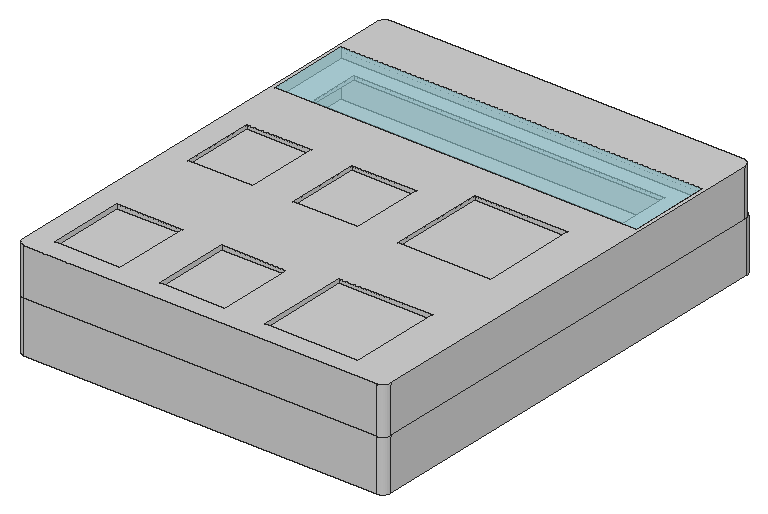
Revit family "Building-QuadriIEC309-GEWISS-68QDIN-QUADRI-PRESE-20MOD_6PRESE", category Apparecchi elettrici, host Superficie, Revit 2019
Family settings
  Host = Superficie
  Mantenere orientamento annotazione = Sì
  Quota connettore circolare = Usa diametro
  Tipo di parte = Normale
  Taglio con vuoti quando caricato = No
  Condiviso = No
  Punto di calcolo locali = Sì
Parameters (values of type "GW68021N - Q-DIN 20M 2PR.63A 4PR.16/32A IP65")
  visibilita posizionamento 2d [instance] = yes
  simbolo 2d [instance] = yes
  oggetto in pianta [instance] = not(visibilita posizionamento 2d)  # no
  distanza_simbolo [instance] = 0.1 mm
  bordo acceso [instance] = yes
  Visibilità sportello [instance] = yes
  Versione file RFA = "21.5"
  VETRO = Vetro
  URL = "https://www.gewiss.com/it/it"
  Tipologia di installazione = "Da parete"
  Tipo versione = "Vuoto"
  Termopressione con biglia = "70 °C"
  Temperatura di utilizzo = "-25 +40 °C"
  Spostamento_effettivo_S [instance] = 4000 mm - Spostamento_S  # 3000 mm
  Spostamento_S = 1000 mm
  Simbolo_quadro [instance] = not(simbolo 2d)  # no
  Scheda Tecnica = "https://www.gewiss.com/it/it/search?q=GW68021N"
  STRUTTURA ALTA = Poche
  STRUTTURA = RAL - 7035
  SEO = "Quadretto"
  Resistenza agli urti = "IK08"
  Default Elevation = 1219.2 mm
  Produttore = "GEWISS S.p.A."
  Potenza dissipabile B (W) = "92"
  Potenza dissipabile A (W) = "30"
  PRESA = rosso
  POMELLO = bianco
  N_Moduli = 20 mm
  N. prese alloggiabili = "2 IEC 309 63 A - 4 IEC 309 16/32 A"
  N. mod. EN 50022 = "20"
  N. coperchi ciechi in dotazione = "2 IEC 309 16/32 A+1 63 A"
  Modello = "GW68021N"
  L_Moduli = N_Moduli * 19  # 380 mm
  Immagine tipo = GW68021N.jpg
  IDT = "c4e5c53f-a295-41ab-9992-af314b14205a"
  IDF = "4c8860f2-720f-44d2-a6f5-9eaa74ffdce7"
  Grado di protezione = "IP65"
  Glow Wire Test = "650°C"
  Descrizione = "Q-DIN 20M 2PR.63A 4PR.16/32A IP65"
  Creato da GEWISS S.p.A. = ""
  ConformitÃ  normativa = "EN 60208 - EN 60670-1 - IEC 60670-24"
  Colore = "Grigio RAL 7035"
  Codice Electrocod = "2242"
  Codice EAN = "8011564744882"
  Classe isolamento = "II"
  Catalogo Serie = "68 QDIN"
  Catalogo = "BUILDING"
  COBie.Tagnumber = ""
  COBie.CreatedOn = ""
  COBie.CreatebBy = ""
  COBie.ComponentRegisterItemID = ""
  COBie.Component.TagNumber = ""
  COBie.Component.Space = ""
  COBie.Component.SerialNumber = ""
  COBie.Component.InstallationDate = ""
  COBie.Component.Description = ""
  COBie.Component.BarCode = ""
Reference planes
  plane 1 "Centro (Fronte/Retro)": y = 0
  plane 2: z = 0
  plane 3 "Centro (Sinistra/Destra)": x = 0
  plane 4: x = -3000
  plane 5: x = 0
Forms (mm)
  Extrusion 1, solid, detail levels coarse
    sketch origin (0, 0, 0) x (1, 0, 0) y (0, 1, 0)
      loop
        line (-225, 0) -> (225, 0) -> (225, 560) -> (-225, 560) -> (-225, 0)
    from 0 to 120
Lines and regions (mm)
  Masking region 1, visible <- "visibilita posizionamento 2d"
    outline origin (0, 0, 0) x (1, 0, 0) y (0, 0, 1)
      loop
        line (-160, 0) -> (160, 0) -> (160, 96) -> (-160, 96) -> (-160, 0)
Dimensions and locks
  plane 4 to plane 3 "Centro (Sinistra/Destra)" = 3000 mm
  "Spostamento_effettivo_S": plane 4 to plane 5
  aligned and locked: plane 2 to host face
  aligned and locked: level to host face
  aligned and locked: nested 1 to plane 5
  aligned and locked: nested 3 to plane 5
  aligned and locked: nested 2 to plane 5
  aligned and locked: plane 1 "Centro (Fronte/Retro)" to nested 2
  aligned and locked: Extrusion 1 sketch curve to nested 2  (x3)
  aligned and locked: nested 2 to Extrusion 1 sketch curve
  aligned and locked: nested 2 to host face
Automatic sketch dimensions
  host sketch curve to host sketch curve = 2438.4 mm  (x2)
  Masking region 1 sketch curve to level = 0 mm
  Masking region 1 sketch curve to plane 3 "Centro (Sinistra/Destra)" = 160 mm
  plane 3 "Centro (Sinistra/Destra)" to Masking region 1 sketch curve = 160 mm
  Masking region 1 sketch curve to Masking region 1 sketch curve = 96 mm
Nested families
  nested 1: "CENTRALINO" at (0, 737.795, 0), BORDO ACCESO <- "bordo acceso", SIMBOLO ACCESO <- "simbolo 2d", Distanza dal muro <- "distanza_simbolo", visible <- "simbolo 2d", type "CENTRALINO"
    with SIMBOLO ACCESO yes, Distanza dal muro 0.1 mm, BORDO ACCESO yes
  nested 2: "68QDIN20 QUADRO DISTRIBUZ X 6 PRESE IND_BASE" at (0, 368, 0), Visibilita sportello <- "Visibilità sportello", type "68QDIN20 QUADRO DISTRIBUZ X 6 PRESE IND_BASE", detail levels medium+fine
  nested 3: "simb_CENTRALINO_BASE_cad pro" at (0, 737.795, 0), Distanza dal muro <- "distanza_simbolo", visible <- "Simbolo_quadro", SIMBOLO ACCESO <- "Simbolo_quadro", type "simb_CENTRALINO_BASE_cad pro"
    with SIMBOLO ACCESO no, Distanza dal muro 0.1 mm, BORDO ACCESO yes
Definition of nested family "68QDIN20 QUADRO DISTRIBUZ X 6 PRESE IND_BASE"
  Parameters (values of type "68QDIN20 QUADRO DISTRIBUZ X 6 PRESE IND_BASE")
    n_moduli = 380 mm
    h_moduli = 64 mm
    Visibilita sportello [instance] = yes
    Vetro = none
    Struttura = none
    Spessore = 120 mm
    Default Elevation = 14 mm
    Presa = none
    Larghezza = 450 mm
    IFC.TypeObject = ""
    IFC.ExportType = ""
    IFC.ExportAs = ""
    COBie.CreatedOn = ""
    COBie.CreatebBy = ""
    COBie.ComponentRegisterItemID = ""
    COBie.Component.TagNumber = ""
    COBie.Component.Space = ""
    COBie.Component.SerialNumber = ""
    COBie.Component.InstallationDate = ""
    COBie.Component.Description = ""
    COBie.Component.BarCode = ""
    Altezza quadro = 560 mm
  Reference planes
    plane 1 "Centro (Fronte/Retro)": y = 0
    plane 2: z = 0
    plane 3 "Centro (Sinistra/Destra)": x = 0
    plane 4: x = -225
    plane 5: x = 225
    plane 6: x = -221
    plane 7: x = 221
    plane 8: y = 123.21
    plane 9: y = 21.246
    plane 10: y = 0
    plane 11: y = -141
    plane 12: y = -51
    plane 13: y = -368
    plane 14: y = 192
    plane 15: y = 103
    plane 16: y = 39
    plane 17: x = -190
    plane 18: x = 190
    plane 19: y = 71
    plane 20: x = -196.9
    plane 21: x = 223.1
    plane 22: x = -116.9
    plane 23: x = -68.9
    plane 24: x = 11.1
    plane 25: x = 59.1
    plane 26: x = 173.1
    plane 27: y = -230.119
    plane 28: y = -344.119
    plane 29: y = -249.119
    plane 30: z = 115
    plane 31: z = 63
    plane 32: z = 103.824
    plane 33 "POS": z = 108
    plane 34: z = 120
  Forms (mm)
    Extrusion 1, solid, material <- "Struttura"
      sketch origin (0, -857.311, 0) x (1, 0, 0) y (0, 1, 0)
        loop
          arc (-215, 1049.311) -> (-222.071, 1046.382) -> (-225, 1039.311) r 10
          line (-225, 1039.311) -> (-225, 499.311)
          arc (-225, 499.311) -> (-222.071, 492.24) -> (-215, 489.311) r 10
          line (-215, 489.311) -> (215, 489.311)
          arc (215, 489.311) -> (222.071, 492.24) -> (225, 499.311) r 10
          line (225, 499.311) -> (225, 1039.311)
          arc (225, 1039.311) -> (222.071, 1046.382) -> (215, 1049.311) r 10
          line (215, 1049.311) -> (-215, 1049.311)
      from 63 to 120
    Extrusion 2, solid, material <- "Struttura"
      sketch origin (0, -857.311, 0) x (1, 0, 0) y (0, 1, 0)
        loop
          line (217.45, 1049.311) -> (-221.38, 1049.311)
          arc (-221.38, 1049.311) -> (-223.94, 1048.251) -> (-225, 1045.691) r 3.62
          line (-225, 1045.691) -> (-225, 499.311)
          arc (-225, 499.311) -> (-222.071, 492.24) -> (-215, 489.311) r 10
          line (-215, 489.311) -> (215, 489.311)
          arc (215, 489.311) -> (222.071, 492.24) -> (225, 499.311) r 10
          line (225, 499.311) -> (225, 1041.76)
          arc (225, 1041.76) -> (222.789, 1047.099) -> (217.45, 1049.311) r 7.55
      from 0 to 63
    Extrusion 3, void
      sketch origin (0, -857.311, 0) x (1, 0, 0) y (0, 1, 0)
        loop
          line (-221, 980.52) -> (-221, 878.557) -> (221, 878.557) -> (221, 980.52) -> (-221, 980.52)
      from 63 to 120
    Extrusion 4, void
      sketch origin (0, 0, 84.734) x (0, -1, 0) y (1, 0, 0)
        loop
          line (51, -196.9) -> (141, -196.9) -> (141, -116.9) -> (51, -116.9) -> (51, -196.9)
        loop
          line (141, -68.9) -> (141, 11.1) -> (51, 11.1) -> (51, -68.9) -> (141, -68.9)
        loop
          line (23.5, 59.1) -> (141, 59.1) -> (141, 173.1) -> (23.5, 173.1) -> (23.5, 59.1)
      from 30.266 to 35.266
    Extrusion 5, void
      sketch origin (0, -126, 84.734) x (0, -1, 0) y (1, 0, 0)
        loop
          line (123.119, -196.9) -> (218.119, -196.9) -> (218.119, -116.9) -> (123.119, -116.9) -> (123.119, -196.9)
        loop
          line (218.119, -68.9) -> (218.119, 11.1) -> (123.119, 11.1) -> (123.119, -68.9) -> (218.119, -68.9)
        loop
          line (104.119, 59.1) -> (218.119, 59.1) -> (218.119, 173.1) -> (104.119, 173.1) -> (104.119, 59.1)
      from 30.266 to 35.266
    Extrusion 6, solid
      sketch origin (0, 0, 84.734) x (0, -1, 0) y (1, 0, 0)
        loop
          line (-21.246, -221) -> (-21.246, 221) -> (-123.21, 221) -> (-123.21, -221) -> (-21.246, -221)
      from 19.09 to 23.266
    Extrusion 7, void
      sketch origin (0, 0, 84.734) x (0, -1, 0) y (1, 0, 0)
        loop
          line (-39, -190) -> (-39, 190) -> (-103, 190) -> (-103, -190) -> (-39, -190)
      from 19.09 to 23.266
    Extrusion 8, solid, material <- "Vetro"
      sketch origin (0, 0, 84.734) x (0, -1, 0) y (1, 0, 0)
        loop
          line (-21.246, -221) -> (-21.246, 221) -> (-123.21, 221) -> (-123.21, -221) -> (-21.246, -221)
      from 30.266 to 35.266
  Cuts and joins
    Extrusion 3, Extrusion 4, Extrusion 5 cuts Extrusion 1
    Extrusion 7 cuts Extrusion 6
  Lines and regions (mm)
    model lines
      curve 1: line (190, 71, 108) -> (-190, 71, 108)
  Dimensions and locks
    locked: plane 4 to plane 6 at 4
    locked: plane 7 to plane 5 at 4
    equal spacing: plane 4, plane 3 "Centro (Sinistra/Destra)", plane 5
    "Larghezza": plane 4 to plane 5
    plane 10 to plane 12 = 51 mm
    plane 1 "Centro (Fronte/Retro)" to plane 14 = 192 mm
    plane 13 to plane 10 = 368 mm
    plane 9 to plane 1 "Centro (Fronte/Retro)" = 21.246 mm
    plane 8 to plane 14 = 68.79 mm
    "h_moduli": plane 15 to plane 16
    equal spacing: plane 17, plane 3 "Centro (Sinistra/Destra)", plane 18
    "n_moduli": plane 17 to plane 18
    equal spacing: plane 15, plane 19, plane 16
    locked: plane 21 to plane 5 at 1.9
    plane 20 to plane 22 = 80 mm  (x2)
    plane 22 to plane 23 = 48 mm  (x2)
    plane 25 to plane 26 = 114 mm
    plane 23 to plane 3 "Centro (Sinistra/Destra)" = 68.9 mm
    plane 24 to plane 25 = 48 mm
    plane 12 to plane 11 = 90 mm
    plane 4 to plane 5 = 450 mm
    locked: plane 1 "Centro (Fronte/Retro)" to plane 14 at 192
    "Altezza quadro": plane 13 to plane 14
    plane 26 to plane 21 = 50 mm
    plane 27 to plane 28 = 114 mm
    plane 29 to plane 28 = 95 mm
    plane 23 to plane 24 = 80 mm
    cut or joined group of Extrusion 1, Extrusion 3, Extrusion 4, Extrusion 5 to cut or joined group of Extrusion 1, Extrusion 3, Extrusion 4, Extrusion 5 = 117.5 mm
    locked: plane 31 to level at 63
    locked: plane 33 "POS" to plane 32 at 4.176
    locked: plane 30 to plane 34 at 5
    plane 33 "POS" to plane 34 = 12 mm
    "Spessore": plane 34 to level
    radius of Extrusion 2 sketch curve = 10 mm  (x2)
    radius of Extrusion 2 sketch curve = 3.62 mm
    radius of Extrusion 2 sketch curve = 7.55 mm
    radius of Extrusion 1 sketch curve = 10 mm  (x4)
    aligned and locked: level to plane 2
    aligned and locked: Extrusion 2 sketch curve to plane 4
    aligned and locked: plane 5 to Extrusion 2 sketch curve
    aligned and locked: plane 5 to Extrusion 1 sketch curve
    aligned and locked: Extrusion 1 sketch curve to plane 4
    aligned and locked: Extrusion 3 sketch curve to plane 6
    aligned and locked: Extrusion 3 sketch curve to plane 7
    aligned and locked: Extrusion 3 sketch curve to plane 8
    aligned and locked: Extrusion 3 sketch curve to plane 9
    aligned and locked: plane 13 to Extrusion 2 sketch curve
    aligned and locked: plane 1 "Centro (Fronte/Retro)" to plane 10
    aligned and locked: plane 14 to Extrusion 1 sketch curve
    aligned and locked: plane 13 to Extrusion 1 sketch curve
    aligned and locked: Extrusion 2 sketch curve to plane 14
    aligned and locked: Extrusion 4 sketch curve to plane 12
    aligned and locked: Extrusion 4 sketch curve to plane 20
    aligned and locked: Extrusion 4 sketch curve to plane 22
    aligned and locked: Extrusion 4 sketch curve to plane 23
    aligned and locked: Extrusion 4 sketch curve to plane 24
    aligned and locked: Extrusion 4 sketch curve to plane 25
    aligned and locked: Extrusion 4 sketch curve to plane 26
    aligned and locked: Extrusion 1 to Extrusion 4
    aligned and locked: Extrusion 4 sketch curve to plane 11  (x3)
    aligned and locked: Extrusion 5 sketch curve to plane 28  (x3)
    aligned and locked: plane 26 to Extrusion 5 sketch curve
    aligned and locked: plane 25 to Extrusion 5 sketch curve
    aligned and locked: plane 24 to Extrusion 5 sketch curve
    aligned and locked: Extrusion 5 sketch curve to plane 23
    aligned and locked: Extrusion 5 sketch curve to plane 22
    aligned and locked: Extrusion 5 sketch curve to plane 20
    aligned and locked: plane 27 to Extrusion 5 sketch curve
    aligned and locked: Extrusion 5 sketch curve to plane 29  (x2)
    aligned and locked: Extrusion 5 to Extrusion 4
    aligned and locked: plane 30 to cut or joined group of Extrusion 1, Extrusion 3, Extrusion 4, Extrusion 5
    aligned and locked: cut or joined group of Extrusion 1, Extrusion 3, Extrusion 4, Extrusion 5 to plane 31  (x2)
    aligned and locked: plane 31 to Extrusion 2
    aligned and locked: cut or joined group of Extrusion 1, Extrusion 3, Extrusion 4, Extrusion 5 to cut or joined group of Extrusion 1, Extrusion 3, Extrusion 4, Extrusion 5
    aligned and locked: cut or joined group of Extrusion 1, Extrusion 3, Extrusion 4, Extrusion 5 to plane 34  (x2)
    aligned and locked: Extrusion 6 sketch curve to plane 6
    aligned and locked: Extrusion 6 sketch curve to plane 7
    aligned and locked: Extrusion 6 sketch curve to cut or joined group of Extrusion 1, Extrusion 3, Extrusion 4, Extrusion 5  (x2)
    aligned and locked: Extrusion 6 to plane 32
    aligned and locked: plane 33 "POS" to Extrusion 6
    aligned and locked: Extrusion 7 sketch curve to plane 17
    aligned and locked: Extrusion 7 sketch curve to plane 16
    aligned and locked: Extrusion 7 sketch curve to plane 15
    aligned and locked: Extrusion 7 sketch curve to plane 18
    aligned and locked: Extrusion 7 to plane 32
    aligned and locked: plane 33 "POS" to Extrusion 7
    aligned and locked: Extrusion 8 sketch curve to plane 6
    aligned and locked: Extrusion 8 sketch curve to plane 7
    aligned and locked: Extrusion 8 sketch curve to cut or joined group of Extrusion 1, Extrusion 3, Extrusion 4, Extrusion 5
    aligned and locked: Extrusion 8 sketch curve to cut or joined group of Extrusion 6, Extrusion 7
    aligned and locked: cut or joined group of Extrusion 1, Extrusion 3, Extrusion 4, Extrusion 5 to Extrusion 8  (x2)
    aligned and locked: curve 1 to plane 19
    aligned and locked: plane 17 to curve 1
    aligned and locked: plane 18 to curve 1
  Automatic sketch dimensions
    plane 12 to Extrusion 4 sketch curve = 27.5 mm
    Extrusion 4 sketch curve to plane 12 = 0 mm
Definition of nested family "CENTRALINO"
  Parameters (values of type "CENTRALINO")
    SIMBOLO ACCESO [instance] = yes
    Distanza dal muro [instance] = 0 mm
    BORDO ACCESO [instance] = yes
  Reference planes
    plane 1: y = 0
    plane 2: x = 0
  Dimensions and locks
    "Distanza dal muro": plane 1 to nested 1
    aligned and locked: plane 2 to nested 1
  Nested families
    nested 1: "CENTRALINO_BASE" at (0, 0, 0), BORDO ACCESO <- "BORDO ACCESO", visible <- "SIMBOLO ACCESO", type "CENTRALINO"
      with BORDO ACCESO yes
  Definition of nested family "CENTRALINO_BASE"
    Parameters (values of type "CENTRALINO")
      Distanza dal muro = 0 mm
      BORDO ACCESO [instance] = yes
    Reference planes
      plane 1: y = 0
      plane 2: x = 0
    Lines and regions (mm)
      detail lines, visible <- "BORDO ACCESO", not visible
        curve 1: line (-2.443, 10.208, 0) -> (2.057, 10.208, 0)
        curve 2: line (2.057, 10.208, 0) -> (2.057, 4.208, 0)
        curve 3: line (2.057, 4.208, 0) -> (-2.443, 4.208, 0)
        curve 4: line (-2.443, 4.208, 0) -> (-2.443, 10.208, 0)
        curve 5: line (-2.043, 9.808, 0) -> (1.657, 9.808, 0)
        curve 6: line (1.657, 9.808, 0) -> (1.657, 4.608, 0)
        curve 7: line (1.657, 4.608, 0) -> (-2.043, 4.608, 0)
        curve 8: line (-2.043, 4.608, 0) -> (-2.043, 9.808, 0)
      detail lines
        curve 9: line (0, 0.671, 0) -> (0, 0, 0)
        curve 10: line (0.659, 0.671, 0) -> (0.659, 1.33, 0)
        curve 11: line (0.659, 1.33, 0) -> (-0.659, 1.33, 0)
        curve 12: line (-0.659, 1.33, 0) -> (-0.659, 0.671, 0)
        curve 13: line (-0.659, 0.671, 0) -> (0.659, 0.671, 0)
        curve 14: line (0.497, 1.33, 0) -> (0.497, 2, 0)
        curve 15: line (0.167, 1.33, 0) -> (0.167, 2, 0)
        curve 16: line (-0.162, 1.33, 0) -> (-0.162, 2, 0)
        curve 17: line (-0.491, 1.33, 0) -> (-0.491, 2, 0)
Definition of nested family "simb_CENTRALINO_BASE_cad pro"
  Parameters (values of type "simb_CENTRALINO_BASE_cad pro")
    SIMBOLO ACCESO [instance] = yes
    Distanza dal muro [instance] = 0 mm
    BORDO ACCESO [instance] = yes
  Reference planes
    plane 1: y = 0
    plane 2: x = 0
  Dimensions and locks
    "Distanza dal muro": plane 1 to nested 1
    aligned and locked: plane 2 to nested 1
  Nested families
    nested 1: "CENTRALINO_BASE_cad pro" at (0, 0, 0), type "CENTRALINO"
  Definition of nested family "CENTRALINO_BASE_cad pro"
    Parameters (values of type "CENTRALINO")
      Distanza dal muro = 0 mm
    Reference planes
      plane 1: y = 0
      plane 2: x = 0
    Lines and regions (mm)
      detail lines
        curve 1: line (1.33, 1.33, 0) -> (2.109, 1.33, 0)
        curve 2: line (2.109, 1.33, 0) -> (2.109, 0, 0)
        curve 3: line (2.109, 0, 0) -> (1.33, 0, 0)
        curve 4: line (1.33, 0, 0) -> (-1.33, 1.33, 0)
        curve 5: line (-1.33, 1.33, 0) -> (1.33, 1.33, 0)
        curve 6: line (1.33, 1.33, 0) -> (1.33, 0, 0)
        curve 7: line (1.33, 0, 0) -> (-1.33, 0, 0)
        curve 8: line (-1.33, 0, 0) -> (-1.33, 1.33, 0)
        curve 9: line (1.461, 0.665, 0) -> (1.977, 0.665, 0)
        curve 10: line (1.719, 0.665, 0) -> (1.719, 1.01, 0)
        curve 11: arc (1.977, 0.406, 0) -> (1.719, 0.665, 0) -> (1.461, 0.406, 0) r 0.258
